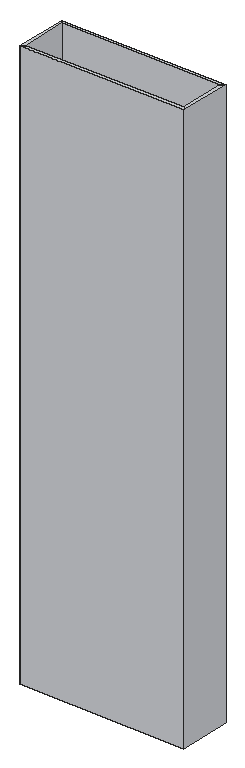
Revit family "RYN_COL_Concrete+Finish", category Columns, Revit 2025
Family settings
  OmniClass Number = 23.25.30.11.14.11
  OmniClass Title = Columns
  Cut with Voids When Loaded = No
  Automatically joins geometry to walls = Yes
  Shared = No
  Show family pre-cut in plan views = Yes
Parameters (values of type "200 X 700")
  TOP OFF 04 [instance] = 100 mm
  TOP OFF 03 [instance] = 100 mm
  TOP OFF 02 [instance] = 100 mm
  TOP OFF 01 [instance] = 100 mm
  Structural Material [instance] = Concrete, Cast-in-Place gray
  RYN_Structural_Column_Width = 200 mm
  RYN_Structural_Column_Perimeter = (RYN_Structural_Column_Length + RYN_Structural_Column_Width) * 2  # 1800 mm
  RYN_Structural_Column_Length = 700 mm
  Finish Material 04 [instance] = none
  Finish Material 02 [instance] = none
  Finish Material 03 [instance] = none
  Finish Material 01 [instance] = none
  Finish 04 [instance] = 15 mm
  Finish 03 [instance] = 15 mm
  Finish 02 [instance] = 15 mm
  Finish 01 [instance] = 15 mm
  F04 ON [instance] = yes
  F03 ON [instance] = yes
  F02 ON [instance] = yes
  F01 ON [instance] = yes
  BOTTOM OFF 04 [instance] = 100 mm
  BOTTOM OFF 03 [instance] = 100 mm
  BOTTOM OFF 02 [instance] = 100 mm
  BOTTOM OFF 01 [instance] = 100 mm
  Assembly Code = "B10"
Types (2, lengths in mm): name | TOP OFF 04 | TOP OFF 03 | TOP OFF 02 | TOP OFF 01 | RYN_Structural_Column_Perimeter | RYN_Structural_Column_Length | Finish 04 | Finish 03 | Finish 02 | Finish 01 | BOTTOM OFF 04 | BOTTOM OFF 03 | BOTTOM OFF 02 | BOTTOM OFF 01
  200 X 700 | 100 | 100 | 100 | 100 | 1800 | 700 | 15 | 15 | 15 | 15 | 100 | 100 | 100 | 100
  200 X 400 | 598.957 | 360 | 500 | 2032.205 | 1200 | 400 | 25.263 | 13.319 | 13.319 | 25.263 | 470 | 270 | 384.412 | 230.995
Reference planes
  plane 1 "Center (Front/Back)": y = 0
  plane 2: z = 0
  plane 3 "Center (Left/Right)": x = 0
  plane 4: x = -350
  plane 5: x = 350
  plane 6: y = 100
  plane 7: y = -100
  plane 8: y = 115
  plane 9: y = -115
  plane 10: x = -365
  plane 11: x = 365
  plane 12: z = 100
  plane 13: z = 2643.2
  plane 14: z = 100
  plane 15: z = 2643.2
  plane 16: z = 100
  plane 17: z = 2643.2
  plane 18: z = 100
  plane 19: z = 2643.2
Forms (mm)
  Extrusion 1, solid, material <- "Finish Material 01", visible <- "F01 ON"
    sketch origin (0, 0, 0) x (1, 0, 0) y (0, 1, 0)
      loop
        line (-365, 115) -> (-350, 100) -> (350, 100) -> (365, 115) -> (-365, 115)
    from 100 to 2643.2
  Extrusion 2, solid, material <- "Finish Material 02", visible <- "F02 ON"
    sketch origin (0, 0, 0) x (1, 0, 0) y (0, 1, 0)
      loop
        line (-365, -115) -> (-350, -100) -> (-350, 100) -> (-365, 115) -> (-365, -115)
    from 100 to 2643.2
  Extrusion 3, solid, material <- "Finish Material 03", visible <- "F03 ON"
    sketch origin (0, 0, 0) x (1, 0, 0) y (0, 1, 0)
      loop
        line (-365, -115) -> (365, -115) -> (350, -100) -> (-350, -100) -> (-365, -115)
    from 100 to 2643.2
  Extrusion 4, solid, material <- "Finish Material 04", visible <- "F04 ON"
    sketch origin (0, 0, 0) x (1, 0, 0) y (0, 1, 0)
      loop
        line (350, -100) -> (365, -115) -> (365, 115) -> (350, 100) -> (350, -100)
    from 100 to 2643.2
Dimensions and locks
  equal spacing: plane 4, plane 3 "Center (Left/Right)", plane 5
  equal spacing: plane 7, plane 1 "Center (Front/Back)", plane 6
  "RYN_Structural_Column_Width": plane 7 to plane 6
  "RYN_Structural_Column_Length": plane 4 to plane 5
  "Finish 02": plane 10 to plane 4
  "Finish 01": plane 6 to plane 8
  "Finish 03": plane 9 to plane 7
  "Finish 04": plane 5 to plane 11
  "TOP OFF 01": plane 13 to level
  "BOTTOM OFF 01": plane 2 to plane 12
  "BOTTOM OFF 03": plane 14 to level
  "TOP OFF 03": level to plane 15
  "BOTTOM OFF 02": plane 16 to level
  "TOP OFF 02": level to plane 17
  "BOTTOM OFF 04": plane 18 to plane 2
  "TOP OFF 04": level to plane 19
  aligned and locked: level to plane 2
  aligned and locked: Extrusion 1 sketch curve to plane 8
  aligned and locked: Extrusion 1 sketch curve to plane 6
  aligned and locked: plane 10 to Extrusion 2 sketch curve
  aligned and locked: plane 4 to Extrusion 2 sketch curve
  aligned and locked: Extrusion 1 to plane 12
  aligned and locked: plane 13 to Extrusion 1
  aligned and locked: Extrusion 3 sketch curve to plane 7
  aligned and locked: plane 9 to Extrusion 3 sketch curve
  aligned and locked: Extrusion 4 sketch curve to plane 5
  aligned and locked: plane 11 to Extrusion 4 sketch curve
  aligned and locked: Extrusion 3 to plane 14
  aligned and locked: plane 15 to Extrusion 3
  aligned and locked: Extrusion 2 to plane 16
  aligned and locked: plane 17 to Extrusion 2
  aligned and locked: plane 19 to Extrusion 4
  aligned and locked: Extrusion 4 to plane 18
  aligned and locked: plane 4 to Extrusion 1 sketch curve
  aligned and locked: plane 10 to Extrusion 1 sketch curve
  aligned and locked: plane 5 to Extrusion 1 sketch curve
  aligned and locked: plane 11 to Extrusion 1 sketch curve
  aligned and locked: plane 6 to Extrusion 4 sketch curve
  aligned and locked: plane 8 to Extrusion 4 sketch curve
  aligned and locked: plane 7 to Extrusion 4 sketch curve
  aligned and locked: plane 9 to Extrusion 4 sketch curve
  aligned and locked: plane 11 to Extrusion 3 sketch curve
  aligned and locked: plane 5 to Extrusion 3 sketch curve
  aligned and locked: plane 10 to Extrusion 3 sketch curve
  aligned and locked: plane 4 to Extrusion 3 sketch curve
  aligned and locked: Extrusion 2 sketch curve to plane 6
  aligned and locked: plane 8 to Extrusion 2 sketch curve
  aligned and locked: Extrusion 2 sketch curve to plane 7
  aligned and locked: plane 9 to Extrusion 2 sketch curve
